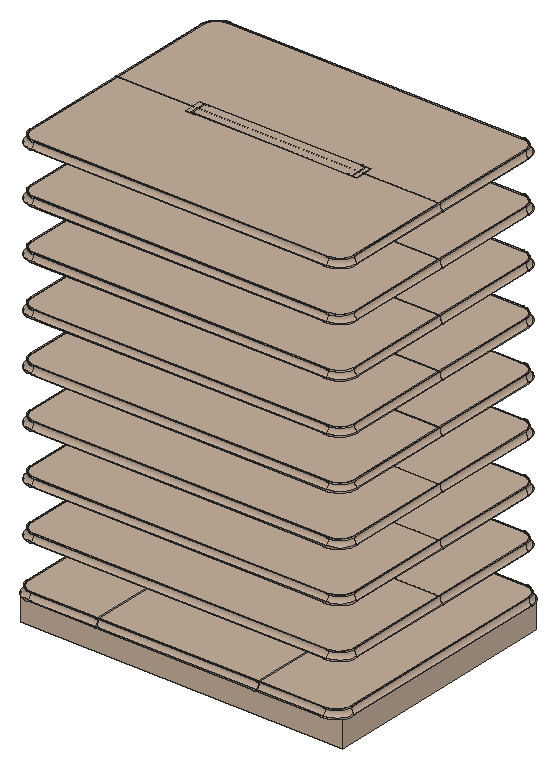
Revit family "LUXE-FAD_3x4", category Generic Models, Revit 2012
Parameters
  URL = "http://www.madixinc.com/display/luxe/"
  Shelf Material = Default Madix
  Shelf Depth = 1' - 6"
  Model = "Luxe Feature Aisle Display 3' x 4'"
  Manufacturer = "© 2013 Madix, Inc. All rights reserved."
  Base Material = Default Madix
  B-8 On/Off = yes
  B-7 On/Off = yes
  B-6 On/Off = yes
  B-5 On/Off = yes
  B-4 On/Off = yes
  B-3 On/Off = yes
  B-2 On/Off = yes
  B-1 On/Off = yes
  A-8 On/Off = yes
  A-7 On/Off = yes
  A-6 On/Off = yes
  A-5 On/Off = yes
  A-4 On/Off = yes
  A-3 On/Off = yes
  A-2 On/Off = yes
  A-1 On/Off = yes
Reference planes (in)
  plane 1 "Center (Front/Back)": y = 0
  plane 2: z = 0
  plane 3 "Center (Left/Right)": x = 0
Dimensions and locks (in)
  aligned and locked: plane 2 to level
Nested families (in)
  nested 1: "L-FAD_3x4_pre" at (-0.75, 0, 0), type "L-FAD_3x4_pre"
Definition of nested family "L-FAD_3x4_pre"
  Parameters (values of type "L-FAD_3x4_pre")
    WAUSN Shelf Depth = 1' - 6"
    URL = "http://www.madixinc.com/display/luxe/"
    Shelf Material = Default Madix
    SL Width = 2' - 0"
    Model = "Luxe Feature Aisle Display 3' x 4'"
    Manufacturer = "© 2013 Madix, Inc. All rights reserved."
    Base Material = Default Madix
    BU VC Height = 5' - 0"
    B-8 On/Off = yes
    B-7 On/Off = yes
    B-6 On/Off = yes
    B-5 On/Off = yes
    B-4 On/Off = yes
    B-3 On/Off = yes
    B-2 On/Off = yes
    B-1 On/Off = yes
    B Height = BU VC Height  # 5' - 0"
    A-8 On/Off = yes
    A-7 On/Off = yes
    A-6 On/Off = yes
    A-5 On/Off = yes
    A-4 On/Off = yes
    A-3 On/Off = yes
    A-2 On/Off = yes
    A-1 On/Off = yes
  Reference planes (in)
    plane 1 "Center (Front/Back)": y = 0
    plane 2: z = 0
    plane 3 "Center (Left/Right)": x = 0
    plane 4: y = 1.375
    plane 5: y = -1.375
    plane 6: y = 1.375
    plane 7: y = -1.375
  Forms (in)
    Extrusion 1, solid, material "Default Madix" <- "Base Material"
      sketch origin (0.75, 0, 5) x (1, 0, 0) y (0, 1, 0)
        loop
          line (-0.75, -1.375) -> (0.75, -1.375) -> (0.75, -1.25) -> (0, -1.25) -> (0, 1.25) -> (0.75, 1.25) -> (0.75, 1.375) -> (-0.75, 1.375) -> (-0.75, -1.375)
      from 0 to 60
    Extrusion 2, solid, material "Default Madix" <- "Base Material"
      sketch origin (38.25, 0, 5) x (-1, 0, 0) y (0, -1, 0)
        loop
          line (12.75, 1.375) -> (12.75, -1.375) -> (14.25, -1.375) -> (14.25, -1.25) -> (13.5, -1.25) -> (13.5, 1.25) -> (14.25, 1.25) -> (14.25, 1.375) -> (12.75, 1.375)
      from 0 to 60
    Extrusion 3, solid, material "Default Madix" <- "Base Material"
      sketch origin (0, 0, 5) x (1, 0, 0) y (0, 1, 0)
        loop
          line (0.75, 1.25) -> (0.75, -1.25) -> (24.75, -1.25) -> (24.75, 1.25) -> (0.75, 1.25)
      from 0 to 60
    Extrusion 4, solid, material "Default Madix" <- "Base Material"
      sketch origin (3, 0, 0) x (1, 0, 0) y (0, 1, 0)
        loop
          line (33.75, 18) -> (-14.25, 18) -> (-14.25, -18) -> (33.75, -18) -> (33.75, 18)
      from 0 to 4.00217
  Dimensions and locks (in)
    "BU VC Height": Extrusion 1 to Extrusion 1
    "BU VC Height": Extrusion 2 to Extrusion 2
    "SL Width": Extrusion 2 to Extrusion 1
    "B Height": Extrusion 3 to Extrusion 3
    aligned and locked: plane 2 to level
    aligned and locked: Extrusion 3 sketch curve to Extrusion 1
    aligned and locked: Extrusion 3 sketch curve to Extrusion 2
  Automatic sketch dimensions
    Extrusion 1 sketch curve to plane 3 "Center (Left/Right)" = 0' - 0"
    plane 5 to Extrusion 1 sketch curve = 0' - 0"
    Extrusion 1 sketch curve to plane 4 = 0' - 0"
    Extrusion 1 sketch curve to plane 5 = 0' - 0 1/8"
    plane 3 "Center (Left/Right)" to Extrusion 1 sketch curve = 0' - 0 3/4"
    Extrusion 1 sketch curve to Extrusion 1 sketch curve = 0' - 0 3/4"  (x2)
    Extrusion 1 sketch curve to plane 4 = 0' - 0 1/8"
    plane 7 to Extrusion 2 sketch curve = 0' - 0"
    Extrusion 2 sketch curve to plane 6 = 0' - 0"
    plane 3 "Center (Left/Right)" to Extrusion 2 sketch curve = 2' - 1 1/2"
    Extrusion 2 sketch curve to plane 7 = 0' - 0 1/8"
    Extrusion 2 sketch curve to Extrusion 2 sketch curve = 0' - 0 3/4"  (x3)
    Extrusion 2 sketch curve to plane 6 = 0' - 0 1/8"
    plane 1 "Center (Front/Back)" to Extrusion 3 sketch curve = 0' - 1 1/4"
    Extrusion 3 sketch curve to plane 1 "Center (Front/Back)" = 0' - 1 1/4"
    plane 1 "Center (Front/Back)" to Extrusion 4 sketch curve = 1' - 6"
    Extrusion 4 sketch curve to plane 3 "Center (Left/Right)" = 0' - 11 1/4"
    plane 3 "Center (Left/Right)" to Extrusion 4 sketch curve = 3' - 0 3/4"
    Extrusion 4 sketch curve to plane 1 "Center (Front/Back)" = 1' - 6"
  Nested families (in)
    nested 1: "MEF_3x4_shelf" at (0.75, 18.5665, 4.00217) x (0, -1, 0) z (0, 0, 1), type "MEF_3x4_shelf"
    nested 2: "MEF_3x4_shelf" at (24.75, 18.5665, 4.00217) x (0, -1, 0) z (0, 0, 1), type "MEF_3x4_shelf"
    nested 3: "SBS_3x4_shelfxxx" at (0.75, -1.10135, 4.00217), type "SBS_3x4_shelfxxx"
    nested 4: "SBS_3x4_shelfxxx" at (0.75, 1.10135, 4.00217), type "SBS_3x4_shelfxxx"
    nested 5: "WAUSN_3x4_shelf" at (-11.25, 0, 11.5), visible <- "A-1 On/Off", type "WAUSN_3x4_shelf"
      with WAUSN Shelf Depth 1' - 6"
    nested 6: "WAUSN_3x4_shelf" at (-11.25, 0, 11.5), visible <- "B-1 On/Off", type "WAUSN_3x4_shelf"
      with WAUSN Shelf Depth 1' - 6"
    nested 7: "WAUSN_3x4_shelf" at (-11.25, 0, 19), visible <- "A-2 On/Off", type "WAUSN_3x4_shelf"
      with WAUSN Shelf Depth 1' - 6"
    nested 8: "WAUSN_3x4_shelf" at (-11.25, 0, 19), visible <- "B-2 On/Off", type "WAUSN_3x4_shelf"
      with WAUSN Shelf Depth 1' - 6"
    nested 9: "WAUSN_3x4_shelf" at (-11.25, 0, 26.5), visible <- "A-3 On/Off", type "WAUSN_3x4_shelf"
      with WAUSN Shelf Depth 1' - 6"
    nested 10: "WAUSN_3x4_shelf" at (-11.25, 0, 26.5), visible <- "B-3 On/Off", type "WAUSN_3x4_shelf"
      with WAUSN Shelf Depth 1' - 6"
    nested 11: "WAUSN_3x4_shelf" at (-11.25, 0, 34), visible <- "A-4 On/Off", type "WAUSN_3x4_shelf"
      with WAUSN Shelf Depth 1' - 6"
    nested 12: "WAUSN_3x4_shelf" at (-11.25, 0, 34), visible <- "B-4 On/Off", type "WAUSN_3x4_shelf"
      with WAUSN Shelf Depth 1' - 6"
    nested 13: "WAUSN_3x4_shelf" at (-11.25, 0, 41.5), visible <- "A-5 On/Off", type "WAUSN_3x4_shelf"
      with WAUSN Shelf Depth 1' - 6"
    nested 14: "WAUSN_3x4_shelf" at (-11.25, 0, 41.5), visible <- "B-5 On/Off", type "WAUSN_3x4_shelf"
      with WAUSN Shelf Depth 1' - 6"
    nested 15: "WAUSN_3x4_shelf" at (-11.25, 0, 49), visible <- "A-6 On/Off", type "WAUSN_3x4_shelf"
      with WAUSN Shelf Depth 1' - 6"
    nested 16: "WAUSN_3x4_shelf" at (-11.25, 0, 49), visible <- "B-6 On/Off", type "WAUSN_3x4_shelf"
      with WAUSN Shelf Depth 1' - 6"
    nested 17: "WAUSN_3x4_shelf" at (-11.25, 0, 56.5), visible <- "A-7 On/Off", type "WAUSN_3x4_shelf"
      with WAUSN Shelf Depth 1' - 6"
    nested 18: "WAUSN_3x4_shelf" at (-11.25, 0, 56.5), visible <- "B-7 On/Off", type "WAUSN_3x4_shelf"
      with WAUSN Shelf Depth 1' - 6"
    nested 19: "WAUSN_3x4_shelf" at (-11.25, 0, 64), visible <- "A-8 On/Off", type "WAUSN_3x4_shelf"
      with WAUSN Shelf Depth 1' - 6"
    nested 20: "WAUSN_3x4_shelf" at (-11.25, 0, 64), visible <- "B-8 On/Off", type "WAUSN_3x4_shelf"
      with WAUSN Shelf Depth 1' - 6"
  Definition of nested family "MEF_3x4_shelf"
    Parameters (values of type "MEF_3x4_shelf")
      Shelf Material = Default Madix
    Reference planes (in)
      plane 1 "Center (Front/Back)": y = 0
      plane 2: z = 0
      plane 3 "Center (Left/Right)": x = 0
    Forms (in)
      Extrusion 1, solid, material "Default Madix" <- "Shelf Material"
        sketch origin (6, 0, 0) x (1, 0, 0) y (0, 1, 0)
          loop
            line (-6, 0) -> (-6, -10)
            arc (-6, -10) -> (-5.41421, -11.41421) -> (-4, -12) r 2
            line (-4, -12) -> (29.133, -12)
            arc (29.133, -12) -> (30.54722, -11.41421) -> (31.133, -10) r 2
            line (31.133, -10) -> (31.133, 0) -> (-6, 0)
        from 0 to 1
      Sweep 2, solid, material "Default Madix" <- "Shelf Material"
        path origin (18.55284, 0.0039, -3) x (1, 0, 0) y (0, 1, 0)
          loop
            line (19.11501, -0.0039) -> (19.11501, -9.99597)
            arc (19.11501, -9.99597) -> (18.37025, -11.79398) -> (16.57223, -12.53875) r 2.54278
            line (16.57223, -12.53875) -> (-16.54491, -12.53875)
            arc (-16.54491, -12.53875) -> (-18.34293, -11.79398) -> (-19.08769, -9.99597) r 2.54278
            line (-19.08769, -9.99597) -> (-19.08769, -0.0039)
        profile origin (18.5665, -12.53485, -3) x (0, -1, 0) y (0, 0, 1)
          loop
            line (-0.53485, 4) -> (-0.53485, 3) -> (-0.01282, 3)
            arc (-0.01282, 3) -> (0.01439, 3.0214) -> (0, 3.05288) r 0.02799
            arc (0, 3.05288) -> (-0.36022, 3.44568) -> (-0.37947, 3.97829) r 0.77077
            arc (-0.37947, 3.97829) -> (-0.3818, 3.99316) -> (-0.3952, 4) r 0.01655
            line (-0.3952, 4) -> (-0.53485, 4)
    Dimensions and locks (in)
      aligned and locked: plane 2 to level
  Definition of nested family "SBS_3x4_shelfxxx"
    Parameters (values of type "SBS_3x4_shelfxxx")
      Shelf Material = Default Madix
    Reference planes (in)
      plane 1 "Center (Front/Back)": y = 0
      plane 2: z = 0
      plane 3 "Center (Left/Right)": x = 0
    Forms (in)
      Extrusion 1, solid, material "Default Madix" <- "Shelf Material"
        sketch origin (0, -2, 0) x (1, 0, 0) y (0, 1, 0)
          loop
            line (0, 2) -> (0, -15.46515) -> (24, -15.46515) -> (24, 2) -> (0, 2)
        from 0 to 1
      Sweep 2, solid, material "Default Madix" <- "Shelf Material"
        path origin (18.55284, -7.46125, -3) x (1, 0, 0) y (0, 1, 0)
          loop
            line (5.44716, -10.53875) -> (-18.55284, -10.53875)
        profile origin (12, -18, -3) x (0, -1, 0) y (0, 0, 1)
          loop
            line (-0.53485, 4) -> (-0.53485, 3) -> (-0.01282, 3)
            arc (-0.01282, 3) -> (0.01439, 3.0214) -> (0, 3.05288) r 0.02799
            arc (0, 3.05288) -> (-0.36022, 3.44568) -> (-0.37947, 3.97829) r 0.77077
            arc (-0.37947, 3.97829) -> (-0.3818, 3.99316) -> (-0.3952, 4) r 0.01655
            line (-0.3952, 4) -> (-0.53485, 4)
    Dimensions and locks (in)
      aligned and locked: plane 2 to level
  Definition of nested family "WAUSN_3x4_shelf"
    Parameters (values of type "WAUSN_3x4_shelf")
      WAUSN Shelf Depth = 1' - 0"
      Shelf Material = Default Madix
    Reference planes (in)
      plane 1 "Center (Front/Back)": y = 0
      plane 2: z = 0
      plane 3 "Center (Left/Right)": x = 0
    Forms (in)
      Extrusion 1, solid, material "Default Madix" <- "Shelf Material"
        sketch origin (12, 0, 0) x (1, 0, 0) y (0, 1, 0)
          loop
            line (-12, 0) -> (-12, -10)
            arc (-12, -10) -> (-11.41421, -11.41421) -> (-10, -12) r 2
            line (-10, -12) -> (34, -12)
            arc (34, -12) -> (35.41421, -11.41421) -> (36, -10) r 2
            line (36, -10) -> (36, 0) -> (-12, 0)
        from 0 to 1
      Sweep 2, solid, material "Default Madix" <- "Shelf Material"
        path origin (18.55284, -1.9961, -3) x (1, 0, 0) y (0, 1, 0)
          loop
            line (29.98201, 1.9961) -> (29.98201, -7.99597)
            arc (29.98201, -7.99597) -> (29.23724, -9.79398) -> (27.43923, -10.53875) r 2.54278
            line (27.43923, -10.53875) -> (-16.54491, -10.53875)
            arc (-16.54491, -10.53875) -> (-18.34293, -9.79398) -> (-19.08769, -7.99597) r 2.54278
            line (-19.08769, -7.99597) -> (-19.08769, 1.9961)
        profile origin (24, -12.53485, -3) x (0, -1, 0) y (0, 0, 1)
          loop
            line (-0.53485, 4) -> (-0.53485, 3) -> (-0.01282, 3)
            arc (-0.01282, 3) -> (0.01439, 3.0214) -> (0, 3.05288) r 0.02799
            arc (0, 3.05288) -> (-0.36022, 3.44568) -> (-0.37947, 3.97829) r 0.77077
            arc (-0.37947, 3.97829) -> (-0.3818, 3.99316) -> (-0.3952, 4) r 0.01655
            line (-0.3952, 4) -> (-0.53485, 4)
    Dimensions and locks (in)
      "WAUSN Shelf Depth": Extrusion 1 to Sweep 2
      aligned and locked: plane 2 to level
      aligned and locked: Extrusion 1 to Sweep 2
    Automatic sketch dimensions
      plane 1 "Center (Front/Back)" to Extrusion 1 sketch curve = 0' - 0"
      plane 3 "Center (Left/Right)" to Extrusion 1 sketch curve = 0' - 0"
      Extrusion 1 sketch curve to Extrusion 1 sketch curve = 0' - 2"  (x2)
      plane 1 "Center (Front/Back)" to Extrusion 1 sketch curve = 1' - 0"
      Extrusion 1 sketch curve to Extrusion 1 sketch curve = 3' - 8"
      plane 1 "Center (Front/Back)" to Sweep 2 sketch curve = 0' - 0"  (x2)
      Sweep 2 sketch curve to plane 3 "Center (Left/Right)" = 0' - 0.53485"
      plane 3 "Center (Left/Right)" to Sweep 2 sketch curve = 0' - 2.00793"
      plane 1 "Center (Front/Back)" to Sweep 2 sketch curve = 1' - 0.53485"
      Sweep 2 sketch curve to Sweep 2 sketch curve = 3' - 7.98414"
      Sweep 2 sketch curve to profile plane = 0' - 0"  (x2)
      profile plane to Sweep 2 sketch curve = 0' - 0.01282"
      profile plane to Sweep 2 sketch curve = 0' - 0.37947"
      Sweep 2 sketch curve to Sweep 2 sketch curve = 0' - 0"
      Sweep 2 sketch curve to Sweep 2 sketch curve = 0' - 0.01572"
      Sweep 2 sketch curve to Sweep 2 sketch curve = 0' - 0.52203"
      Sweep 2 sketch curve to profile plane = 0' - 0.35292"
      profile plane to Sweep 2 sketch curve = 0' - 3"
      Sweep 2 sketch curve to Sweep 2 sketch curve = 0' - 0.02799"
      Sweep 2 sketch curve to Sweep 2 sketch curve = 0' - 2.54278"
